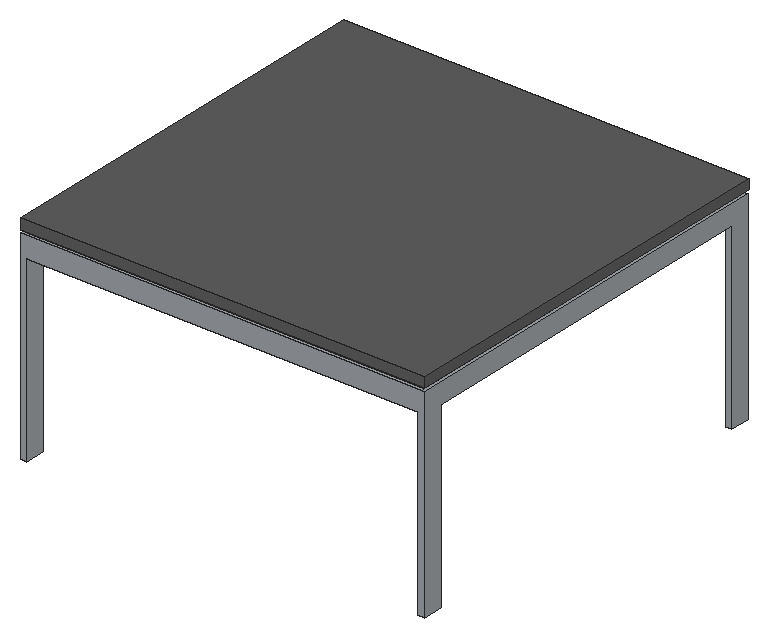
Revit family
Parameters
  URL = "http://www.martinbrattrud.com"
  Table Top [instance] = none
  SCS Certified Product = "Yes"
  Model = "Lundin 1006-30SL"
  Manufacturer = "Martin Brattrud, Inc."
  Leg [instance] = none
  Keynote = "125000"
  Copyright = "© 2013 Martin Brattrud, Inc."
  Authoring Version = "Revit Architecture 2010"
  Assembly Code = "E2020200"
Reference planes (in)
  plane 1 "Center Front/Back": y = 0
  plane 2: z = 0
  plane 3 "Center Left/Right": x = 0
  plane 4: x = -15
  plane 5: x = 15
  plane 6: y = 15
  plane 7: y = -15
  plane 8: y = 14.6875
  plane 9: y = -14.6875
  plane 10: x = -14.6875
  plane 11: x = 14.6875
  plane 12: z = 0
  plane 13: z = 16
  plane 14: z = 16
  plane 15: z = 15.25
  plane 16: z = 15
  plane 17: z = 13.5
Forms (in)
  Extrusion 1, solid, material <- "Leg"
    sketch origin (-3, 0, 0) x (0, 1, 0) y (0, 0, -1)
      loop
        line (15, 0) -> (13.5, 0) -> (13.5, -13.5) -> (-13.5, -13.5) -> (-13.5, 0) -> (-15, 0) -> (-15, -15) -> (15, -15) -> (15, 0)
    from 11.5 to 12
  Extrusion 2, solid, material <- "Leg"
    sketch origin (0, 0, -4) x (0, 1, 0) y (0, 0, 1)
      loop
        line (15, 19) -> (14.5, 19) -> (14.5, 17.5) -> (15, 17.5) -> (15, 19)
      loop
        line (-15, 19) -> (-15, 17.5) -> (-14.5, 17.5) -> (-14.5, 19) -> (-15, 19)
    from -15 to 15
  Extrusion 3, solid, material <- "Leg"
    sketch origin (3, 0, 0) x (0, 1, 0) y (0, 0, 1)
      loop
        line (15, 0) -> (15, 15) -> (-15, 15) -> (-15, 0) -> (-13.5, 0) -> (-13.5, 13.5) -> (13.5, 13.5) -> (13.5, 0) -> (15, 0)
    from 11.5 to 12
  Extrusion 4, solid, material <- "Table Top"
    sketch origin (0, 0, -4) x (1, 0, 0) y (0, 1, 0)
      loop
        line (14.6875, 14.6875) -> (-14.6875, 14.6875) -> (-14.6875, -14.6875) -> (14.6875, -14.6875) -> (14.6875, 14.6875)
    from 18.5217 to 19.25
  Extrusion 5, solid, material <- "Table Top"
    sketch origin (0, 0, -4) x (1, 0, 0) y (0, 1, 0)
      loop
        line (15, 15) -> (-15, 15) -> (-15, -15) -> (15, -15) -> (15, 15)
    from 19.25 to 20
Cuts and joins
  joined: Extrusion 1, Extrusion 2, Extrusion 3
